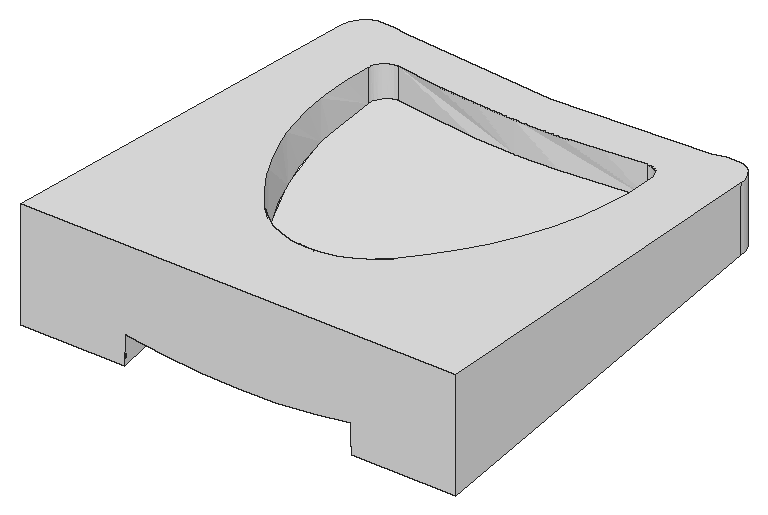
Revit family "01291  LVM Aquajet", category Aparatos sanitarios, Revit 2016
Family settings
  Anfitrión = Muro
  Tipo de pieza = Normal
  Cota de conector redondo = Diámetro de uso
  Número OmniClass = 23.45.00.00
  Título OmniClass = Sanitary, Laundry, and Cleaning Equipment
  Siempre vertical = Sí
  Corte con vacíos al cargar = No
  Compartido = No
  Punto de cálculo de habitación = No
Parameters (values of type "Tipo 1")
  Tráfico = "Institucional Alto tráfico"
  Tipo de Activo = "Fijo"
  Tamaño = "501 x 512 x 135 mm"
  Responsable Garantia Partes = "www.corona.com.co"
  Requerimientos de Accesibilidad = "Necesita"
  Presión mínima = ""
  Presión máxima = ""
  Numero de Modelo = "01291"
  Nombre = "Lavamanos Aquajet"
  Material Secundario = Plastico_Corona_Blanco
  Material = Ceramica_Corona_Blanco
  Longitud Nominal = 501 mm
  Información del producto = "https://www.corona.co/producto/lavamanos-aquajet"
  Forma = "Rectangular"
  Fabricante = "www.corona.com.co"
  Duración Garantía Unidad = "años"
  Duración Garantía Partes = ""
  Diámetro de conexión sanitaria = "2\""
  Diámetro de conexión de entrada = "1/2\""
  Descripción de la garantía = "Garantía integral de por vida Corona"
  Descripción = "Lavamanos de Colgar accesible para aplicaciones en destinos público y salud"
  Código de montaje = "D2010"
  Cumplimiento de Norma = "NTC 920.1 Aparatos sanitarios de porcelana vitrificada / ASME A 112.19.2 / CSA B 45.1 / NOM 009 / 010 Norma oficial Mexicana / Centro de Estudios de Medición y Certificación de calidad de Chile / Requerimientos para discapacitados cuendo se instala correctamente, según recomendaciones de CORONA"
  Contacto Técnico = "Juan Daniel Salcedo cel: 321 8241615"
  Contacto Comercial = "Show Room Constructor Corona tel: (031) 3221806"
  Color = "Blanco"
  Característica = "Lavamanos con amplia superficie de repisa para ubicar artículos de aseo, frente concavo para facilitar el acceso a personas con silla de ruedas, Agujeros insunuados que permiten escoger diferentes opciones de grifería, Agujero integral de drenaje que evita rebose, Requiere brazos para su instaación y cumplimiento de norma."
  Ancho Nominal = 512 mm
  Alto Nominal = 135 mm
  Acabado = "Brillante"
Reference planes
  plane 1 "Muro": y = 0
  plane 2 "Centro (Izquierda/Derecha)": x = 129.111
  plane 3 "Posterior": y = 75
  plane 4 "Conexiones": y = 75
  plane 5: y = 128.633
  plane 6: y = 188.134
  plane 7: x = 78.311
Forms (mm)
  Extrusion 1, solid, material "Ceramica_Corona_Blanco", detail levels medium+fine
    sketch origin (4.111, 0, 947.423) x (-1, 0, 0) y (0, -1, 0)
      loop
        arc (-395.847, -75.051) -> (-393.562, -310.186) -> (-374.723, -544.576) r 3337.004
        arc (-374.723, -544.576) -> (-366.523, -565.746) -> (-346.201, -575.866) r 31.424
        arc (-346.201, -575.866) -> (-330.362, -575.77) -> (-314.849, -572.576) r 80.53
        arc (-314.849, -572.576) -> (-220.205, -561.984) -> (-125, -559.576) r 1105.666
        arc (-125, -559.576) -> (-29.795, -561.984) -> (64.849, -572.576) r 1105.666
        arc (64.849, -572.576) -> (80.362, -575.77) -> (96.201, -575.866) r 80.53
        arc (96.201, -575.866) -> (116.523, -565.746) -> (124.723, -544.576) r 31.424
        arc (124.723, -544.576) -> (143.562, -310.186) -> (145.847, -75.051) r 3337.004
        line (145.847, -75.051) -> (-395.847, -75.051)
    from 0 to -134.423
  Extrusion 2, void
    sketch origin (76.746, 0, 0) x (0, 1, 0) y (0, 0, 1)
      loop
        line (75, 783) -> (595, 783) -> (595, 873.095) -> (75, 813) -> (75, 783)
    from -231.746 to 332.365
  SweptBlend 3, void
    path origin (129.111, 0.946, 17.968) x (0, 0, 1) y (0, 1, 0)
      loop
        line (875.843, 377.924) -> (970.215, 367.018)
    profile origin (129.111, 378.87, 893.811) x (0, 0.993388, 0.114802) y (-1, 0, 0)
      loop
        arc (-163.147, 80.001) -> (-199.042, 0.001) -> (-163.147, -79.999) r 107.096
        arc (-163.147, -79.999) -> (-31.828, -156.582) -> (118.92, -176.19) r 383.9
        arc (118.92, -176.19) -> (133.471, -169.248) -> (139.38, -154.249) r 21.998
        arc (139.38, -154.249) -> (128.094, 0.751) -> (139.38, 155.751) r 1069.967
        arc (139.38, 155.751) -> (133.394, 170.203) -> (118.941, 176.19) r 20.439
        arc (118.941, 176.19) -> (-31.818, 156.587) -> (-163.147, 80.001) r 383.897
    end profile origin (129.111, 367.963, 988.183) x (0, 0.993388, 0.114802) y (-1, 0, 0)
      loop
        arc (-151.772, 80.503) -> (-187.648, 0.503) -> (-151.772, -79.497) r 107.135
        arc (-151.772, -79.497) -> (-21.064, -156.018) -> (129.046, -176.19) r 384.926
        arc (129.046, -176.19) -> (144.046, -169.977) -> (150.259, -154.977) r 21.213
        arc (150.259, -154.977) -> (139.025, 0.023) -> (150.259, 155.023) r 1074.881
        arc (150.259, 155.023) -> (144.059, 169.99) -> (129.092, 176.19) r 21.167
        arc (129.092, 176.19) -> (-21.021, 156.764) -> (-151.772, 80.503) r 381.589
  SweptBlend 4, void
    path origin (129.111, 0, 0) x (0, 0, 1) y (0, 1, 0)
      loop
        line (898.904, 588.63) -> (824.788, 61.27)
    profile origin (129.111, 588.63, 898.904) x (0, -0.139173, 0.990268) y (-1, 0, 0)
      loop
        arc (-25.975, -201.19) -> (0.001, -1.19) -> (-25.975, 198.81) r 782.938
        line (-25.975, 198.81) -> (-40.975, 198.81) -> (-40.975, -201.19) -> (-25.975, -201.19)
    end profile origin (129.111, 61.27, 824.788) x (0, -0.139173, 0.990268) y (-1, 0, 0)
      loop
        arc (22.658, -137.742) -> (10.522, -0.242) -> (22.658, 137.258) r 784.986
        line (22.658, 137.258) -> (-17.244, 140.048) -> (-17.244, -139.952) -> (22.658, -137.742)
  Extrusion 5, solid, material "Vidrio", detail levels coarse
    sketch origin (0, 0, 305) x (0, 1, 0) y (-1, 0, 0)
      loop
        line (75.051, 141.737) -> (75.051, -398.263) -> (575.051, -398.263) -> (575.051, 141.737) -> (75.051, 141.737)
    from 508.006 to 642.423
Cuts and joins
  Extrusion 2, SweptBlend 3, SweptBlend 4 cuts Extrusion 1
Lines and regions (mm)
  symbolic lines, style "GenericModel", detail levels medium+fine
    curve 1: line (125, 74.837, 813.552) -> (125, 563.288, 870.001)
    curve 2: line (125, 576.084, 886.56) -> (125, 576.084, 943.023)
    curve 3: line (125, 569.837, 948.012) -> (125, 74.837, 948.012)
    curve 7: line (270.213, 75, 813.006) -> (395.213, 75, 813.006)
    curve 8: line (401.208, 75, 817.273) -> (401.208, 75, 943.32)
    curve 10: line (397.105, 75, 947.423) -> (-144.545, 75, 947.423)
    curve 12: line (-146.69, 75, 945.278) -> (-146.69, 75, 817.91)
    curve 14: line (-141.786, 75, 813.006) -> (-11.972, 75, 813.006)
    curve 15: line (-11.972, 75, 813.006) -> (-10.132, 75, 847.417)
    curve 21: line (-12.476, 75, 813.006) -> (-67.626, 75, 870.713)
    curve 22: arc (-7.738, 75, 847.054) -> (130.579, 75, 837.074) -> (268.769, 75, 848.703) r 890.007
    curve 23: line (-67.697, 75, 872.337) -> (-7.738, 75, 847.054)
    curve 24: arc (-92.09, 575.866, 305) -> (-112.412, 565.746, 305) -> (-120.613, 544.576, 305) r 31.424
    curve 25: arc (-60.738, 572.576, 305) -> (-76.252, 575.77, 305) -> (-92.09, 575.866, 305) r 80.53
    curve 26: arc (129.111, 559.576, 305) -> (33.906, 561.984, 305) -> (-60.738, 572.576, 305) r 1105.666
    curve 27: arc (318.959, 572.576, 305) -> (224.315, 561.984, 305) -> (129.111, 559.576, 305) r 1105.666
    curve 28: arc (350.312, 575.866, 305) -> (334.473, 575.77, 305) -> (318.959, 572.576, 305) r 80.53
    curve 29: arc (378.834, 544.576, 305) -> (370.633, 565.746, 305) -> (350.312, 575.866, 305) r 31.424
    curve 30: line (395.847, -75.051, 305) -> (400.346, -75.051, 305)
    curve 31: arc (206.851, 215.058, 305) -> (128.437, 181.464, 305) -> (50.202, 215.475, 305) r 107.646
    curve 32: arc (50.202, 215.475, 305) -> (-27.215, 346.092, 305) -> (-47.086, 496.622, 305) r 378.593
    curve 33: arc (-47.086, 496.622, 305) -> (-40.992, 511.272, 305) -> (-26.307, 517.283, 305) r 20.664
    curve 34: arc (-26.307, 517.283, 305) -> (128.642, 506.097, 305) -> (283.592, 517.281, 305) r 1078.884
    curve 35: arc (399.957, 75, 305) -> (397.674, 310.161, 305) -> (378.834, 544.576, 305) r 3337.004
    curve 36: arc (-120.613, 544.576, 305) -> (-139.451, 310.186, 305) -> (-141.737, 75.051, 305) r 3337.004
    curve 37: arc (305.306, 496.848, 305) -> (284.919, 345.876, 305) -> (206.851, 215.058, 305) r 379.829
    curve 44: arc (305.306, 496.848, 305) -> (299.133, 511.352, 305) -> (284.528, 517.283, 305) r 20.664
    curve 45: line (328.236, 75, 872.337) -> (328.236, 75, 870.766)
    curve 46: line (328.236, 75, 872.337) -> (268.769, 75, 848.703)
    curve 47: line (268.865, 75, 848.049) -> (270.213, 75, 813.006)
    curve 48: line (270.213, 75, 813.006) -> (328.217, 75, 870.768)
  symbolic lines, style "GenericModel"
    curve 4: line (125, 74.837, 948.012) -> (125, 74.837, 813.552)
  symbolic lines, detail levels medium+fine
    curve 5: arc (125, 576.084, 943.023) -> (125, 573.834, 946.612) -> (125, 569.837, 948.012) r 6.405
    curve 6: arc (125, 576.084, 886.56) -> (125, 573.176, 875.584) -> (125, 563.288, 870.001) r 14.617
    curve 9: arc (401.208, 75, 943.32) -> (400.006, 75, 946.221) -> (397.105, 75, 947.423) r 4.103
    curve 11: arc (-144.545, 75, 947.423) -> (-146.062, 75, 946.795) -> (-146.69, 75, 945.278) r 2.145
    curve 13: arc (-146.69, 75, 817.91) -> (-145.253, 75, 814.442) -> (-141.786, 75, 813.006) r 4.904
    curve 16: arc (-10.132, 75, 847.417) -> (127.342, 75, 837.061) -> (264.767, 75, 848.055) r 890.227
    curve 17: line (328.236, 75, 870.766) -> (374.872, 75, 867.417)
    curve 18: line (374.872, 75, 867.417) -> (401.208, 75, 817.273)
    curve 19: line (-124.872, 75, 867.417) -> (-146.235, 75, 819.653)
    curve 20: line (-67.626, 75, 870.713) -> (-124.872, 75, 867.417)
    curve 49: arc (328.236, 75, 872.337) -> (130.27, 75, 895.398) -> (-67.697, 75, 872.337) r 861.261
    curve 50: arc (401.208, 75, 817.273) -> (399.311, 75, 813.594) -> (395.213, 75, 813.006) r 4.516
  symbolic lines, style "GenericModel", detail levels coarse
    curve 38: line (398.263, 75.051, 305) -> (398.263, 575.051, 305)
    curve 39: line (-141.737, 575.051, 305) -> (398.263, 575.051, 305)
    curve 40: line (-141.737, 75.051, 305) -> (-141.737, 575.051, 305)
    curve 41: line (398.263, 75.051, 305) -> (-141.737, 75.051, 305)
  symbolic lines, style "GenericModel", detail levels fine
    curve 42: circle (129.111, 225.812, 305) r 34.239 normal (0, 0, 1)
    curve 43: circle (129.111, 225.812, 305) r 30 normal (0, 0, 1)
    curve 52: circle (129.111, 128.633, 305) r 15 normal (0, 0, 1)
    curve 53: circle (27.511, 128.633, 305) r 15 normal (0, 0, 1)
    curve 54: circle (230.711, 128.633, 305) r 15 normal (0, 0, -1)
    curve 55: circle (78.311, 128.633, 305) r 15 normal (0, 0, 1)
    curve 56: circle (179.911, 128.633, 305) r 15 normal (0, 0, -1)
    curve 57: circle (-3.074, 188.134, 305) r 15 normal (0, 0, 1)
    curve 58: circle (261.295, 188.134, 305) r 15 normal (0, 0, -1)
  reference lines
    curve 51: line (164.111, 75, 0) -> (94.111, 75, 0)
Text (mm)
  text "Cara de colocación" at (-1848.837, 1116.779, 0), in view "Nivel de referencia"
  text "Cara de colocación" at (0, 1409.804, 2854.306), in view "Izquierda"
  text "Cara de colocación" at (0, 499.811, 2980.732), in view "Derecha"
Dimensions and locks
  locked: plane 3 "Posterior" to host wall
  aligned and locked: plane 1 "Muro" to host wall
Connectors
  piping at (125, 75, 572.969), diameter 50.8
    settings: index 1, connector inside diameter 609.6 mm, connector length 0 mm, flow factor 0, pipe flow 0.0 L/s, pressure drop 0.0 Pa, fitting loss kfactor 0, connector angle 0.00°, fixture units 0, engagement length 0 mm, angle of deflection 0.00°, flow configuration 0, flow direction 2, fitting loss method 0, system type 16, joint type 0, gender type 0, connector reference index -1, connector utility 0, adjustable connector no, is connector primary yes, connector description ""
  piping at (227.031, 75, 634.063), diameter 12.7
    settings: index 2, connector inside diameter 609.6 mm, connector length 0 mm, flow factor 0, pipe flow 0.0 L/s, pressure drop 0.0 Pa, fitting loss kfactor 0, connector angle 0.00°, fixture units 0, engagement length 0 mm, angle of deflection 0.00°, flow configuration 0, flow direction 1, fitting loss method 0, system type 19, joint type 0, gender type 0, connector reference index -1, connector utility 0, adjustable connector no, is connector primary no, connector description ""
  piping at (22.969, 75, 634.063), diameter 12.7
    settings: index 3, connector inside diameter 609.6 mm, connector length 0 mm, flow factor 0, pipe flow 0.0 L/s, pressure drop 0.0 Pa, fitting loss kfactor 0, connector angle 0.00°, fixture units 0, engagement length 0 mm, angle of deflection 0.00°, flow configuration 0, flow direction 2, fitting loss method 0, system type 20, joint type 0, gender type 0, connector reference index -1, connector utility 0, adjustable connector no, is connector primary no, connector description ""
